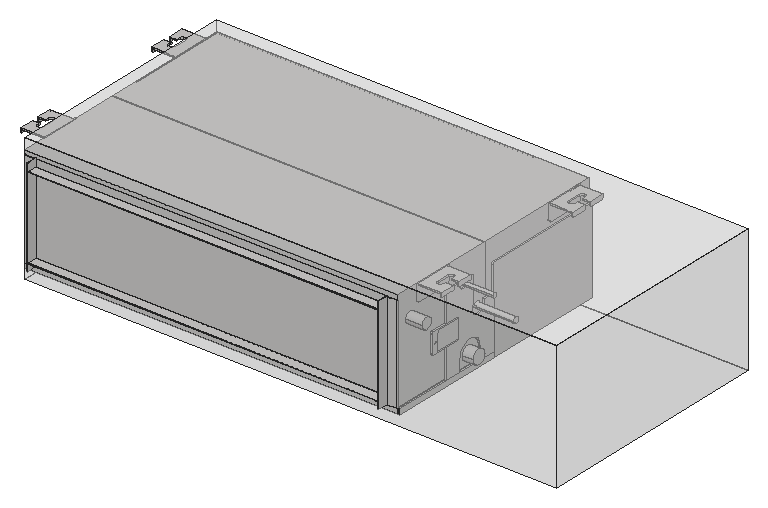
Revit family "outputfile", category 機械設備, Revit 2024
Family settings
  丸型コネクタ寸法 = 半径を使用
  パーツ タイプ = 標準
  OmniClass 番号 = 23.75.10.24.21.27.27
  OmniClass タイトル = Split System Air Conditioning Units
  作業面ベース = いいえ
  常に垂直 = はい
  ロード時にボイドで切り取り = いいえ
  注釈の向きを維持 = いいえ
  共有 = いいえ
  部屋計算ポイント = はい
Parameters (values of type "FDYBA25AV1")
  Description = ""
  書き出し IFC クラス(タイプ) = "IfcUnitaryEquipmentType"
  定義済み IFC タイプ(タイプ) = "AIRCONDITIONINGUNIT"
  Cost = 0
  Type Comments = ""
  Keynote = ""
  Type Image = (empty or 0)
  Assembly Code = ""
  switch_frequency = yes
  lw_socket for drain = 22.0 mm
  lw_liquidpipe = 64.0 mm
  lw_gaspipe = 76.0 mm
  lw_drainpipe = 33.0 mm
  lh_socket for drain = 168.0 mm
  ld_socket for drain = 164.0 mm
  製造元 = "Daikin"
  モデル = "FDYBA25AV1"
  r_Liquid Pipe Size = Liquid Pipe Size / 2  # 3.2 mm
  r_Gas Pipe Size = Gas Pipe Size / 2  # 4.75 mm
  r_Drain Pipe Size = Drain Pipe Size / 2  # 10.0 mm
  lw_powersuply = 65.0 mm  # constant formula
  lh_suctionflange [instance] = [h***] + 100.5 mm  # 100.5 mm
  lh_mounting = lh_mountinghole + [h***]  # 200.0 mm
  ld_suctionflange [instance] = if(and(Rear Connection_Return Air, Width = 700.0 mm), 94.5 mm, if(and(Rear Connection_Return Air, Width = 900.0 mm), 94.0 mm, if(and(Rear Connection_Return Air, Width = 1100.0 mm), 94.0 mm, 100.5 mm)))  # 94.5 mm
  ld_powersuply = 410.0 mm  # constant formula
  ld_mountinghole_Back = 165.0 mm
  ld_mountinghole_Front = 144.0 mm
  ld_RA_below = if(Width = 700.0 mm, 189.0 mm, 188.0 mm)  # 189.0 mm
  ld_RA = if(Width = 700.0 mm, 94.5 mm, 94.0 mm)  # 94.5 mm
  connector_voltage = Voltage_50Hz  # 230 V
  connector_powerinput = if([Power Input (Cooling)] > [Power Input (Heating)], [Power Input (Cooling)], [Power Input (Heating)])  # 0.000 kW
  connector_phase = Phase_50Hz  # 1
  angle_vertical_RA [instance] = if(Rear Connection_Return Air, 90.00°, 0.00°)  # 90.00°
  angle horizontal_RA [instance] = if(Rear Connection_Return Air, 180.00°, 270.00°)  # 180.00°
  Voltage_comment_50Hz = "220 - 240"
  Voltage_50Hz = 230 V
  URL = ""
  Supply Air Direction [instance] = yes
  Sound Power Level_H speed (dB) = 0
  Rear Connection_Return Air [instance] = not(Bottom Connection_Return Air)  # yes
  Phase_50Hz = 1
  Minimum External Static Pressure = 10.00 Pa
  Minimum Circuit Amps_50Hz = 0.0 A
  Maximum Fuse Amps_50Hz = 0.0 A
  Maximum External Static Pressure = 50.00 Pa
  Material_Casing = DAIKIN_GalvanizedSteel_Casing_indoorunit
  ld_liquidpipe = 149.0 mm
  ld_gaspipe = 184.0 mm  # constant formula
  lw_mountinghole = Width + 52.0 mm  # 752.0 mm
  ld_drainpipe = 28.0 mm  # constant formula
  lh_liquidpipe = 43.0 mm
  lh_gaspipe = 96.0 mm
  lh_mountinghole = 200.0 mm  # constant formula
  lh_drainpipe = 48.0 mm
  h_antenna = Height - lh_mountinghole + 1.0 mm  # 1.0 mm
  h*** = 0.0 mm  # constant formula
  Width = 700.0 mm
  Version = "ver.1.0"
  Unit Type = "DAS Duct (Demand Response)"
  Unit Mass Weight = 18.00 kg
  Unit Designation [instance] = ""
  Uniclass2015Version = "Products v1.30"
  Uniclass2015Title = "Split coil room air conditioning units"
  Uniclass2015Code = "Pr_70_65_03_86"
  Total Heating Capacity [instance] = 0.000 kW
  Total Cooling Capacity [instance] = 0.000 kW
  Sound Pressure Level_M speed (dBA) = 0
  Sound Pressure Level_L speed (dBA) = 28
  Sound Pressure Level_H speed (dBA) = 41.6
  Series = "SkyAir_Fan Coil Unit"
  Sensible Cooling Capacity [instance] = 0.000 kW
  SA Duct Size Width = 660.0 mm
  SA Duct Size Height = 153.0 mm
  Refrigerant Type = "R32"
  RA Duct Size Width = 575.0 mm
  RA Duct Size Height = 163.0 mm
  Power Input (Heating) = 0.000 kW
  Power Input (Cooling) = 0.000 kW
  Option Accessory 3 [instance] = ""
  Option Accessory 2 [instance] = ""
  Option Accessory 1 [instance] = ""
  Nominal Heating Capacity = 3.500 kW
  Nominal Cooling Capacity = 2.410 kW
  Minimum Airflow = 306.00 m³/h
  Median Airflow = 420.00 m³/h
  Maximum Airflow = 540.00 m³/h
  Load Classification = HVAC
  Liquid Pipe Size = 6.4 mm
  Link_Nested Family [instance] = ""
  IfcVersion = ""
  IfcExportType = "AIRCONDITIONINGUNIT"
  IfcExportAs = "IfcUnitaryEquipmentType"
  Height = 200.0 mm
  Heating Entering Wet Bulb Temperature [instance] = 0.00 °C
  Heating Entering Dry Bulb Temperature [instance] = 0.00 °C
  Heating Ambient Wet Bulb Temperature [instance] = 0.00 °C
  Heating Ambient Dry Bulb Temperature [instance] = 0.00 °C
  Heat Exchanger Type = "Cross Fin Coil"
  Gas Pipe Size = 9.5 mm
  Frequency_50Hz = 50 Hz
  Fan Type = "Sirocco Fan"
  Fan Drive = "Direct Drive"
  FCU Tag No. [instance] = ""
  Drain Pipe Size = 20.0 mm
  Design Supply Airflow [instance] = 0.00 m³/h
  Design Return Airflow [instance] = 0.00 m³/h
  Design External Static Pressure [instance] = 0.00 Pa
  Depth = 450.0 mm
  既定の高さ = 0.0 mm
  Cooling Entering Wet Bulb Temperature [instance] = 0.00 °C
  Cooling Entering Dry Bulb Temperature [instance] = 0.00 °C
  Cooling Ambient Wet Bulb Temperature [instance] = 0.00 °C
  Cooling Ambient Dry Bulb Temperature [instance] = 0.00 °C
  Clearance visibility [instance] = yes
  Clearance Top = 20.0 mm
  Clearance Right = 300.0 mm
  Clearance Rear = 0.0 mm
  Clearance Left = 0.0 mm
  Clearance Front = 0.0 mm
  Clearance Bottom = 20.0 mm
  Bottom Connection_Return Air [instance] = no
Reference planes
  plane 1 "Center (Front/Back)": y = 0
  plane 2 "Bottom": z = -200
  plane 3 "Center (Left/Right)": x = 0
  plane 4 "Back": y = 225
  plane 5 "Front": y = -225
  plane 6 "Left": x = -350
  plane 7 "Right": x = 350
  plane 8 "Top": z = 0
  plane 9 "BB": y = -20
  plane 10 "condensate water pan": z = -190
  plane 11 "Below": z = -200
  plane 12 "Other components Right": x = 355
  plane 13 "Other components Left": x = 345
  plane 14 "lh_drainpipe": z = -48
  plane 15 "ld_drainpipe": y = -197
  plane 16 "drainpipe": x = 383
  plane 17 "lh_liquidpipe": z = -43
  plane 18 "ld_liquidpipe": y = -76
  plane 19 "ld_gaspipe": y = -41
  plane 20 "lh_gaspipe": z = -96
  plane 21: x = 414
  plane 22: x = 426
  plane 23: x = 372
  plane 24 "w_mountinghole_Left": x = -376
  plane 25 "w_mountinghole_Right": x = 376
  plane 26 "d_mountinghole_Back": y = 165
  plane 27 "d_mountinghole_Front": y = -144
  plane 28 "h_mountinghole": z = 0
  plane 29 "lw_powersuply": x = 285
  plane 30 "ld_powersuply": y = 185
  plane 31 "Clearance Left": x = -350
  plane 32 "Clearance Right": x = 650
  plane 33 "Clearance Rear": y = 225
  plane 34 "Clearance Front": y = -225
  plane 35 "Clearance Bottom": z = -220
  plane 36 "Clearance Top": z = 20
  plane 37 "RA": y = 224
  plane 38: z = -199
  plane 39 "RA_d": y = 130.5
  plane 40 "RA_w": x = -51.5
  plane 41 "RA_h": z = -99.5
  plane 42 "SA_h": z = -99
  plane 43 "RA_dd": y = 36
  plane 44: y = -61
  plane 45: z = -168
Forms (mm)
  Extrusion 1, solid, material "DAIKIN_GalvanizedSteel_Casing_indoorunit" <- "Material_Casing"
    sketch origin (0, 0, 100) x (0, 1, 0) y (0, 0, 1)
      loop
        line (-20, -100) -> (-20, -300) -> (225, -300) -> (225, -100) -> (-20, -100)
    from -350 to 350
  Extrusion 2, solid, material "DAIKIN_GalvanizedSteel_Casing_indoorunit" <- "Material_Casing"
    sketch origin (0, 0, 100) x (0, 1, 0) y (0, 0, 1)
      loop
        line (-225, -100) -> (-225, -290) -> (-20, -290) -> (-20, -100) -> (-225, -100)
    from -350 to 350
  Extrusion 3, solid, material "DAIKIN_GalvanizedSteel_Casing_indoorunit" <- "Material_Casing"
    sketch origin (0, 0, 100) x (0, 1, 0) y (0, 0, 1)
      loop
        line (-225, -290) -> (-225, -300) -> (-20, -300) -> (-20, -290) -> (-225, -290)
    from -350 to 350
  Extrusion 4, solid, material "DAIKIN_GalvanizedSteel_Casing_indoorunit" <- "Material_Casing"
    sketch origin (0, 0, 0) x (0, 1, 0) y (0, 0, 1)
      loop
        arc (-2, -40) -> (-4.121, -40.879) -> (-5, -43) r 3
        line (-5, -43) -> (-5, -197)
        arc (-5, -197) -> (-4.121, -199.121) -> (-2, -200) r 3
        line (-2, -200) -> (225, -200) -> (225, -40) -> (-2, -40)
    from 350 to 355
  Extrusion 5, solid, material "DAIKIN_GalvanizedSteel_Casing_indoorunit" <- "Material_Casing"
    sketch origin (620, 0, 0) x (0, 1, 0) y (0, 0, 1)
      loop
        line (-225, -190) -> (-225, -200) -> (-5, -200) -> (-5, -193)
        arc (-5, -193) -> (-5.879, -190.879) -> (-8, -190) r 3
        line (-8, -190) -> (-225, -190)
    from -270 to -265
  Extrusion 6, void
    sketch origin (0, 0, 0) x (0, 1, 0) y (0, 0, 1)
      loop
        arc (-145.64, -94.17) -> (-147.761, -95.049) -> (-148.64, -97.17) r 3
        line (-148.64, -97.17) -> (-148.64, -131.17)
        arc (-148.64, -131.17) -> (-147.761, -133.291) -> (-145.64, -134.17) r 3
        line (-145.64, -134.17) -> (-91.78, -134.17)
        arc (-91.78, -134.17) -> (-89.659, -133.291) -> (-88.78, -131.17) r 3
        line (-88.78, -131.17) -> (-88.78, -97.17)
        arc (-88.78, -97.17) -> (-89.659, -95.049) -> (-91.78, -94.17) r 3
        line (-91.78, -94.17) -> (-145.64, -94.17)
    from 345 to 355
  Extrusion 7, solid, material "DAIKIN_GalvanizedSteel_Casing_indoorunit" <- "Material_Casing"
    sketch origin (0, 0, 0) x (0, 1, 0) y (0, 0, 1)
      loop
        line (-91.78, -95.17) -> (-145.64, -95.17)
        arc (-145.64, -95.17) -> (-147.054, -95.756) -> (-147.64, -97.17) r 2
        line (-147.64, -97.17) -> (-147.64, -131.17)
        arc (-147.64, -131.17) -> (-147.054, -132.584) -> (-145.64, -133.17) r 2
        line (-145.64, -133.17) -> (-91.78, -133.17)
        arc (-91.78, -133.17) -> (-90.366, -132.584) -> (-89.78, -131.17) r 2
        line (-89.78, -131.17) -> (-89.78, -97.17)
        arc (-89.78, -97.17) -> (-90.366, -95.756) -> (-91.78, -95.17) r 2
    from 345 to 355
  Extrusion 8, solid, material "DAIKIN_GalvanizedSteel_Casing_indoorunit" <- "Material_Casing"
    sketch origin (0, 0, 0) x (0, 1, 0) y (0, 0, 1)
      loop
        line (-89.78, -97.67) -> (-136.14, -97.67) -> (-136.14, -130.67) -> (-89.78, -130.67) -> (-89.78, -97.67)
      loop
        circle (-142.64, -114.17) r 1.5
    from 350 to 355
  Extrusion 9, solid, material "DAIKIN_GalvanizedSteel_Casing_indoorunit" <- "Material_Casing"
    sketch origin (0, 0, 0) x (0, 1, 0) y (0, 0, 1)
      loop
        circle (-197, -48) r 10
    from 350 to 383
  Extrusion 10, solid, material "DAIKIN_GalvanizedSteel_Casing_indoorunit" <- "Material_Casing"
    sketch origin (0, 0, 0) x (0, 1, 0) y (0, 0, 1)
      loop
        circle (-76, -43) r 3.2
    from 350 to 414
  Extrusion 11, solid, material "DAIKIN_GalvanizedSteel_Casing_indoorunit" <- "Material_Casing"
    sketch origin (0, 0, 0) x (0, 1, 0) y (0, 0, 1)
      loop
        circle (-41, -96) r 4.75
    from 350 to 426
  Extrusion 12, solid, material "DAIKIN_GalvanizedSteel_Casing_indoorunit" <- "Material_Casing"
    sketch origin (0, 0, 0) x (0, 1, 0) y (0, 0, 1)
      loop
        circle (-61, -168) r 13
    from 350 to 372
  Extrusion 13, void
    sketch origin (0, 0, 0) x (1, 0, 0) y (0, 0, 1)
      loop
        line (246, -1) -> (-349, -1) -> (-349, -200) -> (246, -200) -> (246, -1)
    from -225 to -36
  Extrusion 14, solid, material "DAIKIN_GalvanizedSteel_Casing_indoorunit" <- "Material_Casing", visible <- "Bottom Connection_Return Air"
    sketch origin (0, 0, 0) x (1, 0, 0) y (0, 0, 1)
      loop
        line (246, -1) -> (-349, -1) -> (-349, -200) -> (246, -200) -> (246, -1)
    from -225 to -224
  Extrusion 15, solid, material "DAIKIN_GalvanizedSteel_Casing_indoorunit" <- "Material_Casing", visible <- "Rear Connection_Return Air"
    sketch origin (0, 0, 0) x (1, 0, 0) y (0, 1, 0)
      loop
        line (-349, 36) -> (246, 36) -> (246, 225) -> (-349, 225) -> (-349, 36)
    from -200 to -199
  Extrusion 16, solid, material "DAIKIN_GalvanizedSteel_Casing_indoorunit" <- "Material_Casing"
    sketch origin (350, 0, 0) x (0, 1, 0) y (0, 0, 1)
      loop
        line (-116, -39) -> (-116, -94.17) -> (-91.78, -94.17)
        arc (-91.78, -94.17) -> (-89.659, -95.049) -> (-88.78, -97.17) r 3
        line (-88.78, -97.17) -> (-88.78, -131.17)
        arc (-88.78, -131.17) -> (-89.659, -133.291) -> (-91.78, -134.17) r 3
        line (-91.78, -134.17) -> (-116, -134.17) -> (-116, -190) -> (-86, -190) -> (-86, -168)
        arc (-86, -168) -> (-61, -143) -> (-36, -168) r 25
        line (-36, -168) -> (-36, -190) -> (-5, -190) -> (-5, -91) -> (-26.858, -91)
        arc (-26.858, -91) -> (-43.269, -110.827) -> (-53, -87) r 15
        line (-53, -87) -> (-53, -39) -> (-66.835, -39)
        arc (-66.835, -39) -> (-76, -53) -> (-85.165, -39) r 10
        line (-85.165, -39) -> (-116, -39)
    from 0 to 5
Cuts and joins
  Extrusion 6 cuts Extrusion 2
  Extrusion 13 cuts Extrusion 1
Dimensions and locks
  equal spacing: plane 4 "Back", plane 1 "Center (Front/Back)", plane 5 "Front"
  "Depth": plane 4 "Back" to plane 5 "Front"
  equal spacing: plane 6 "Left", plane 3 "Center (Left/Right)", plane 7 "Right"
  "Width": plane 6 "Left" to plane 7 "Right"
  locked: plane 1 "Center (Front/Back)" to plane 9 "BB" at 20
  "h***": plane 11 "Below" to plane 2 "Bottom"
  locked: plane 10 "condensate water pan" to plane 11 "Below" at 10
  "Height": plane 8 "Top" to plane 11 "Below"
  locked: Extrusion 4 sketch curve to plane 4 "Back" at 230
  locked: Extrusion 4 sketch curve to plane 11 "Below" at 160
  locked: plane 7 "Right" to plane 12 "Other components Right" at 5
  locked: plane 13 "Other components Left" to plane 7 "Right" at 5
  "ld_drainpipe": plane 15 "ld_drainpipe" to plane 5 "Front"
  "lw_drainpipe": plane 7 "Right" to plane 16 "drainpipe"
  "ld_liquidpipe": plane 18 "ld_liquidpipe" to plane 5 "Front"
  "ld_gaspipe": plane 19 "ld_gaspipe" to plane 5 "Front"
  "lw_liquidpipe": plane 7 "Right" to plane 21
  "lw_gaspipe": plane 7 "Right" to plane 22
  "lw_socket for drain": plane 7 "Right" to plane 23
  equal spacing: plane 24 "w_mountinghole_Left", plane 3 "Center (Left/Right)", plane 25 "w_mountinghole_Right"
  "lw_mountinghole": plane 24 "w_mountinghole_Left" to plane 25 "w_mountinghole_Right"
  plane 26 "d_mountinghole_Back" to plane 27 "d_mountinghole_Front" = 309.0 mm
  "lh_mountinghole": plane 28 "h_mountinghole" to plane 11 "Below"
  "lw_powersuply": plane 29 "lw_powersuply" to plane 7 "Right"
  "ld_powersuply": plane 5 "Front" to plane 30 "ld_powersuply"
  "Clearance Rear": plane 33 "Clearance Rear" to plane 4 "Back"
  "Clearance Front": plane 5 "Front" to plane 34 "Clearance Front"
  "Clearance Bottom": plane 11 "Below" to plane 35 "Clearance Bottom"
  "Clearance Top": plane 36 "Clearance Top" to plane 8 "Top"
  "Clearance Left": plane 31 "Clearance Left" to plane 6 "Left"
  "Clearance Right": plane 7 "Right" to plane 32 "Clearance Right"
  locked: cut or joined group of Extrusion 1, Extrusion 13 to plane 6 "Left" at 1
  locked: plane 7 "Right" to cut or joined group of Extrusion 1, Extrusion 13 at 104
  locked: plane 4 "Back" to plane 37 "RA" at 1
  locked: plane 6 "Left" to Extrusion 15 sketch curve at 1
  locked: Extrusion 15 sketch curve to plane 7 "Right" at 104
  locked: plane 38 to plane 11 "Below" at 1
  locked: plane 40 "RA_w" to plane 3 "Center (Left/Right)" at 51.5
  "ld_RA": plane 39 "RA_d" to plane 4 "Back"
  locked: plane 11 "Below" to plane 41 "RA_h" at 100.5
  locked: plane 11 "Below" to plane 42 "SA_h" at 101
  "ld_mountinghole_Back": plane 26 "d_mountinghole_Back" to plane 1 "Center (Front/Back)"
  "ld_mountinghole_Front": plane 27 "d_mountinghole_Front" to plane 1 "Center (Front/Back)"
  "ld_RA_below": plane 4 "Back" to plane 43 "RA_dd"
  plane 27 "d_mountinghole_Front" to plane 5 "Front" = 81.0 mm
  "lh_drainpipe": plane 8 "Top" to plane 14 "lh_drainpipe"
  "lh_liquidpipe": plane 8 "Top" to plane 17 "lh_liquidpipe"
  "lh_gaspipe": plane 8 "Top" to plane 20 "lh_gaspipe"
  "ld_socket for drain": plane 44 to plane 5 "Front"
  "lh_socket for drain": plane 8 "Top" to plane 45
  locked: Extrusion 16 sketch curve to Extrusion 16 sketch curve at 111
  locked: Extrusion 16 sketch curve to Extrusion 16 sketch curve at 151
  "r_Liquid Pipe Size": radius of Extrusion 10 sketch curve
  "r_Gas Pipe Size": radius of Extrusion 11 sketch curve
  "r_Drain Pipe Size": radius of Extrusion 9 sketch curve
  aligned and locked: Extrusion 1 sketch curve to plane 8 "Top"
  aligned and locked: plane 9 "BB" to Extrusion 1 sketch curve
  aligned and locked: Extrusion 1 sketch curve to plane 4 "Back"
  aligned and locked: Extrusion 2 sketch curve to plane 9 "BB"
  aligned and locked: Extrusion 2 sketch curve to plane 8 "Top"
  aligned and locked: plane 5 "Front" to Extrusion 2 sketch curve
  aligned and locked: Extrusion 1 to plane 6 "Left"
  aligned and locked: plane 7 "Right" to Extrusion 1
  aligned and locked: Extrusion 2 to plane 6 "Left"
  aligned and locked: plane 7 "Right" to Extrusion 2
  aligned and locked: plane 10 "condensate water pan" to Extrusion 2 sketch curve
  aligned and locked: Extrusion 3 sketch curve to plane 10 "condensate water pan"
  aligned and locked: plane 5 "Front" to Extrusion 3 sketch curve
  aligned and locked: Extrusion 3 sketch curve to plane 9 "BB"
  aligned and locked: Extrusion 3 to plane 6 "Left"
  aligned and locked: plane 7 "Right" to Extrusion 3
  aligned and locked: plane 11 "Below" to Extrusion 3
  aligned and locked: Extrusion 1 to plane 11 "Below"
  aligned and locked: plane 11 "Below" to Extrusion 4 sketch curve
  aligned and locked: Extrusion 4 sketch curve to plane 4 "Back"
  aligned and locked: Extrusion 4 to plane 7 "Right"
  aligned and locked: plane 12 "Other components Right" to Extrusion 4
  aligned and locked: Extrusion 5 sketch curve to plane 10 "condensate water pan"
  aligned and locked: plane 5 "Front" to Extrusion 5 sketch curve
  aligned and locked: plane 11 "Below" to Extrusion 5 sketch curve
  aligned and locked: Extrusion 5 to plane 7 "Right"
  aligned and locked: plane 12 "Other components Right" to Extrusion 5
  aligned and locked: Extrusion 6 to plane 13 "Other components Left"
  aligned and locked: plane 12 "Other components Right" to Extrusion 6
  aligned and locked: Extrusion 8 to plane 7 "Right"
  aligned and locked: Extrusion 7 to plane 13 "Other components Left"
  aligned and locked: plane 16 "drainpipe" to Extrusion 9
  aligned and locked: Extrusion 9 to plane 7 "Right"
  aligned and locked: plane 12 "Other components Right" to Extrusion 7
  aligned and locked: plane 12 "Other components Right" to Extrusion 8
  aligned and locked: Extrusion 10 to plane 7 "Right"
  aligned and locked: plane 21 to Extrusion 10
  aligned and locked: plane 19 "ld_gaspipe" to Extrusion 11 sketch curve
  aligned and locked: plane 20 "lh_gaspipe" to Extrusion 11 sketch curve
  aligned and locked: plane 18 "ld_liquidpipe" to Extrusion 10 sketch curve
  aligned and locked: plane 17 "lh_liquidpipe" to Extrusion 10 sketch curve
  aligned and locked: plane 14 "lh_drainpipe" to Extrusion 9 sketch curve
  aligned and locked: plane 15 "ld_drainpipe" to Extrusion 9 sketch curve
  aligned and locked: Extrusion 11 to plane 7 "Right"
  aligned and locked: plane 22 to Extrusion 11
  aligned and locked: Extrusion 12 to plane 7 "Right"
  aligned and locked: plane 23 to Extrusion 12
  aligned and locked: plane 25 "w_mountinghole_Right" to nested 2
  aligned and locked: nested 2 to plane 26 "d_mountinghole_Back"
  aligned and locked: plane 28 "h_mountinghole" to nested 2
  aligned and locked: plane 27 "d_mountinghole_Front" to nested 3
  aligned and locked: plane 25 "w_mountinghole_Right" to nested 3
  aligned and locked: plane 24 "w_mountinghole_Left" to nested 4
  aligned and locked: plane 26 "d_mountinghole_Back" to nested 4
  aligned and locked: plane 24 "w_mountinghole_Left" to nested 5
  aligned and locked: nested 5 to plane 27 "d_mountinghole_Front"
  aligned and locked: plane 28 "h_mountinghole" to nested 4
  aligned and locked: plane 28 "h_mountinghole" to nested 5
  aligned and locked: plane 28 "h_mountinghole" to nested 3
  aligned and locked: plane 24 "w_mountinghole_Left" to nested 1
  aligned and locked: nested 1 to plane 26 "d_mountinghole_Back"
  aligned and locked: plane 27 "d_mountinghole_Front" to nested 6
  aligned and locked: plane 24 "w_mountinghole_Left" to nested 6
  aligned and locked: nested 7 to plane 25 "w_mountinghole_Right"
  aligned and locked: nested 7 to plane 26 "d_mountinghole_Back"
  aligned and locked: plane 27 "d_mountinghole_Front" to nested 8
  aligned and locked: nested 8 to plane 25 "w_mountinghole_Right"
  aligned and locked: plane 15 "ld_drainpipe" to nested 9
  aligned and locked: plane 7 "Right" to nested 9
  aligned and locked: plane 14 "lh_drainpipe" to nested 9
  aligned and locked: plane 7 "Right" to nested 11
  aligned and locked: plane 7 "Right" to nested 10
  aligned and locked: plane 18 "ld_liquidpipe" to nested 10
  aligned and locked: plane 19 "ld_gaspipe" to nested 11
  aligned and locked: nested 10 to plane 17 "lh_liquidpipe"
  aligned and locked: nested 11 to plane 20 "lh_gaspipe"
  aligned and locked: plane 31 "Clearance Left" to nested 12
  aligned and locked: plane 33 "Clearance Rear" to nested 12
  aligned and locked: plane 34 "Clearance Front" to nested 12
  aligned and locked: nested 12 to plane 32 "Clearance Right"
  aligned and locked: plane 36 "Clearance Top" to nested 12
  aligned and locked: plane 35 "Clearance Bottom" to nested 12
  aligned and locked: nested 13 to plane 29 "lw_powersuply"
  aligned and locked: plane 30 "ld_powersuply" to nested 13
  aligned and locked: nested 13 to plane 20 "lh_gaspipe"
  aligned and locked: plane 3 "Center (Left/Right)" to nested 14
  aligned and locked: plane 1 "Center (Front/Back)" to nested 14
  aligned and locked: plane 1 "Center (Front/Back)" to nested 15
  aligned and locked: nested 15 to plane 11 "Below"
  aligned and locked: plane 3 "Center (Left/Right)" to nested 16
  aligned and locked: plane 3 "Center (Left/Right)" to nested 17
  aligned and locked: plane 8 "Top" to nested 16
  aligned and locked: plane 4 "Back" to Extrusion 13
  aligned and locked: plane 4 "Back" to Extrusion 14
  aligned and locked: Extrusion 14 to plane 37 "RA"
  aligned and locked: Extrusion 15 to plane 11 "Below"
  aligned and locked: plane 38 to Extrusion 15
  aligned and locked: plane 39 "RA_d" to nested 18
  aligned and locked: plane 1 "Center (Front/Back)" to nested 19
  aligned and locked: plane 3 "Center (Left/Right)" to nested 19
  aligned and locked: plane 42 "SA_h" to nested 19
  aligned and locked: nested 16 to plane 37 "RA"
  aligned and locked: nested 16 to plane 4 "Back"
  aligned and locked: nested 17 to plane 38
  aligned and locked: nested 17 to plane 37 "RA"
  aligned and locked: Extrusion 13 to plane 43 "RA_dd"
  aligned and locked: Extrusion 15 sketch curve to plane 43 "RA_dd"
  aligned and locked: level to plane 8 "Top"
  aligned and locked: plane 45 to Extrusion 12 sketch curve
  aligned and locked: plane 44 to Extrusion 12 sketch curve
  aligned and locked: Extrusion 4 to Extrusion 16 sketch curve
Automatic sketch dimensions
  Extrusion 1 sketch curve to plane 10 "condensate water pan" = 10.0 mm
  Extrusion 3 sketch curve to plane 10 "condensate water pan" = 10.0 mm
  Extrusion 4 sketch curve to plane 10 "condensate water pan" = 7.0 mm
  plane 1 "Center (Front/Back)" to Extrusion 4 sketch curve = 2.0 mm
  plane 1 "Center (Front/Back)" to Extrusion 5 sketch curve = 5.0 mm
  Extrusion 5 sketch curve to plane 10 "condensate water pan" = 3.0 mm
  plane 5 "Front" to Extrusion 6 sketch curve = 76.36 mm
  Extrusion 6 sketch curve to Extrusion 6 sketch curve = 3.0 mm  (x3)
  Extrusion 6 sketch curve to Extrusion 6 sketch curve = 53.86 mm
  Extrusion 6 sketch curve to Extrusion 6 sketch curve = 0.0 mm
  plane 10 "condensate water pan" to Extrusion 6 sketch curve = 55.83 mm
  Extrusion 6 sketch curve to Extrusion 6 sketch curve = 34.0 mm
  plane 5 "Front" to Extrusion 7 sketch curve = 79.36 mm
  Extrusion 7 sketch curve to Extrusion 7 sketch curve = 2.0 mm  (x3)
  Extrusion 7 sketch curve to Extrusion 7 sketch curve = 53.86 mm
  Extrusion 7 sketch curve to Extrusion 7 sketch curve = 0.0 mm
  plane 10 "condensate water pan" to Extrusion 7 sketch curve = 56.83 mm
  Extrusion 7 sketch curve to Extrusion 7 sketch curve = 34.0 mm
  plane 5 "Front" to Extrusion 8 sketch curve = 82.36 mm
  Extrusion 8 sketch curve to Extrusion 8 sketch curve = 6.5 mm
  Extrusion 8 sketch curve to Extrusion 8 sketch curve = 46.36 mm
  plane 10 "condensate water pan" to Extrusion 8 sketch curve = 59.33 mm
  Extrusion 8 sketch curve to Extrusion 8 sketch curve = 16.5 mm  (x2)
  plane 6 "Left" to Extrusion 13 sketch curve = 1.0 mm
  plane 35 "Clearance Bottom" to Extrusion 13 sketch curve = 20.0 mm
  plane 29 "lw_powersuply" to Extrusion 13 sketch curve = 39.0 mm
  Extrusion 13 sketch curve to plane 8 "Top" = 1.0 mm
  plane 6 "Left" to Extrusion 14 sketch curve = 1.0 mm
  Extrusion 14 sketch curve to plane 11 "Below" = 0.0 mm
  plane 29 "lw_powersuply" to Extrusion 14 sketch curve = 39.0 mm
  Extrusion 14 sketch curve to plane 8 "Top" = 1.0 mm
  Extrusion 15 sketch curve to plane 4 "Back" = 0.0 mm
  Extrusion 16 sketch curve to plane 10 "condensate water pan" = 0.0 mm  (x2)
  Extrusion 16 sketch curve to plane 17 "lh_liquidpipe" = 0.0 mm
  Extrusion 16 sketch curve to plane 18 "ld_liquidpipe" = 0.0 mm
  Extrusion 16 sketch curve to plane 44 = 0.0 mm
  Extrusion 16 sketch curve to plane 19 "ld_gaspipe" = 0.0 mm
  Extrusion 16 sketch curve to plane 45 = 0.0 mm
  Extrusion 16 sketch curve to plane 20 "lh_gaspipe" = 0.0 mm
  Extrusion 16 sketch curve to plane 18 "ld_liquidpipe" = 9.165 mm
  Extrusion 16 sketch curve to plane 20 "lh_gaspipe" = 1.17 mm
  Extrusion 16 sketch curve to plane 18 "ld_liquidpipe" = 12.78 mm
  Extrusion 16 sketch curve to Extrusion 16 sketch curve = 3.0 mm
  plane 20 "lh_gaspipe" to Extrusion 16 sketch curve = 1.83 mm
  Extrusion 16 sketch curve to Extrusion 16 sketch curve = 24.22 mm
  plane 17 "lh_liquidpipe" to Extrusion 16 sketch curve = 4.0 mm
  plane 44 to Extrusion 16 sketch curve = 8.0 mm
  plane 45 to Extrusion 16 sketch curve = 33.83 mm
  plane 20 "lh_gaspipe" to Extrusion 16 sketch curve = 5.0 mm
  plane 20 "lh_gaspipe" to Extrusion 16 sketch curve = 9.0 mm
  plane 19 "ld_gaspipe" to Extrusion 16 sketch curve = 5.0 mm
  Extrusion 16 sketch curve to Extrusion 16 sketch curve = 0.0 mm
  radius of Extrusion 8 sketch curve = 1.5 mm
  radius of Extrusion 12 sketch curve = 13.0 mm
Nested families
  nested 1: "daikin_mountinghole" at (-376, 165, -200), h_mountinghole <- "lh_mounting", l_antenna <- "h_antenna", Link_Nested Family <- "Link_Nested Family", type "daikin_mountinghole"
    with show yes, l_antenna 1.0 mm, h_mountinghole 200.0 mm, Link_Nested Family ""
  nested 2: "daikin_hangerfixture_FDYBA-AV1" at (350, 165, 0), type "daikin_hangerfixture_FDYBA-AV1"
  nested 3: "daikin_hangerfixture_FDYBA-AV1" at (350, -144, 0), type "daikin_hangerfixture_FDYBA-AV1"
  nested 4: "daikin_hangerfixture_FDYBA-AV1" at (-350, 165, 0) x (-1, 0, 0) z (0, 0, 1), type "daikin_hangerfixture_FDYBA-AV1"
  nested 5: "daikin_hangerfixture_FDYBA-AV1" at (-350, -144, 0) x (-1, 0, 0) z (0, 0, 1), type "daikin_hangerfixture_FDYBA-AV1"
  nested 6: "daikin_mountinghole" at (-376, -144, -200), h_mountinghole <- "lh_mounting", l_antenna <- "h_antenna", Link_Nested Family <- "Link_Nested Family", type "daikin_mountinghole"
    with show yes, l_antenna 1.0 mm, h_mountinghole 200.0 mm, Link_Nested Family ""
  nested 7: "daikin_mountinghole" at (376, 165, -200), h_mountinghole <- "lh_mounting", l_antenna <- "h_antenna", Link_Nested Family <- "Link_Nested Family", type "daikin_mountinghole"
    with show yes, l_antenna 1.0 mm, h_mountinghole 200.0 mm, Link_Nested Family ""
  nested 8: "daikin_mountinghole" at (376, -144, -200), h_mountinghole <- "lh_mounting", l_antenna <- "h_antenna", Link_Nested Family <- "Link_Nested Family", type "daikin_mountinghole"
    with show yes, l_antenna 1.0 mm, h_mountinghole 200.0 mm, Link_Nested Family ""
  nested 9: "daikin_connector_rotate2" at (350, -197, -48) x (0, 1, 0) z (0, 0, 1), radius <- "r_Drain Pipe Size", type "daikin_connector_rotate2"
    with radius 10.0 mm, length 33.0 mm, angle_vertical 90.00°, show_face no
  nested 10: "daikin_connector_rotate2" at (350, -76, -43) x (0, 1, 0) z (0, 0, 1), radius <- "r_Liquid Pipe Size", type "daikin_connector_rotate2"
    with radius 3.2 mm, length 64.0 mm, angle_vertical 90.00°, show_face no
  nested 11: "daikin_connector_rotate2" at (350, -41, -96) x (0, 1, 0) z (0, 0, 1), radius <- "r_Gas Pipe Size", type "daikin_connector_rotate2"
    with radius 4.75 mm, length 76.0 mm, angle_vertical 90.00°, show_face no
  nested 12: "daikin_clearancespace" at (150, 0, -99.881), visible <- "Clearance visibility", show <- "Clearance visibility", Link_Nested Family <- "Link_Nested Family", type "daikin_clearancespace"
    with width 1000.0 mm, show yes, height 240.0 mm, depth 450.0 mm, Link_Nested Family ""
  nested 13: "daikin_connector_rotate2" at (285, 185, -96) x (1, 0, 0) z (0, -1, 0), type "daikin_connector_rotate2"
    with radius 10.0 mm, length 104.0 mm, angle_vertical 90.00°, show_face no
  nested 14: "daikin_△_symbolicline" at (0, 0, 200), visible <- "Supply Air Direction", built-in parameter 1001360 <- "Height", type "daikin_△_symbolicline"
    with length 200.0 mm
  nested 15: "daikin_ductflange_FDYBA-AV1_1" at (0, 0, -364.701), width <- "SA Duct Size Width", height <- "SA Duct Size Height", material <- "Material_Casing", type "daikin_ductflange_FDYBA-AV1_1"
    with width 660.0 mm, material DAIKIN_GalvanizedSteel_Casing_indoorunit, height 153.0 mm, depth 20.0 mm
  nested 16: "daikin_ductflange_FDYBA-AV1_2" at (0, 225, -99.5), visible <- "Rear Connection_Return Air", height <- "RA Duct Size Height", width <- "RA Duct Size Width", material <- "Material_Casing", type "daikin_ductflange_FDYBA-AV1_2"
    with width 575.0 mm, material DAIKIN_GalvanizedSteel_Casing_indoorunit, height 163.0 mm, depth 1.0 mm
  nested 17: "daikin_ductflange_FDYBA-AV1_2" at (0, 125.5, -200) x (1, 0, 0) z (0, 1, 0), visible <- "Bottom Connection_Return Air", width <- "RA Duct Size Width", height <- "RA Duct Size Height", type "daikin_ductflange_FDYBA-AV1_2"
    with width 575.0 mm, material DAIKIN_GalvanizedSteel_Casing_indoorunit, height 163.0 mm, depth 1.0 mm
  nested 18: "daikin_connector_rotate3" at (-51.5, 130.5, -99.5), angle_vertical <- "angle_vertical_RA", angle_horizontal <- "angle horizontal_RA", length <- "ld_suctionflange", built-in parameter 1001364 <- "lh_suctionflange", type "daikin_connector_rotate3"
    with show no, radius 10.0 mm, length 94.5 mm, angle_vertical 90.00°, angle_horizontal 180.00°
  nested 19: "daikin_connector_rotate2" at (0, 0, -99), type "daikin_connector_rotate2"
    with radius 10.0 mm, length 245.0 mm, angle_vertical 90.00°, show_face no
Connectors
  piping at (383, -197, -48), diameter 20, driven by "r_Drain Pipe Size"
    settings: on nested 9, index 1, connector inside diameter 609.6 mm, connector length 0.0 mm, flow factor 0, pipe flow 0.00 m³/h, pressure drop 0.0 Pa, fitting loss kfactor 0, connector angle 0.00°, fixture units 0, engagement length 0.0 mm, angle of deflection 0.00°, flow configuration 1, flow direction 2, fitting loss method 4, system type 16, joint type 0, gender type 0, connector reference index -1, connector utility 0, adjustable connector no, is connector primary yes, connector description "Condensate Drain Piping"
  piping at (426, -41, -96), diameter 9.5, driven by "r_Gas Pipe Size"
    settings: on nested 11, index 2, connector inside diameter 609.6 mm, connector length 0.0 mm, flow factor 0, pipe flow 0.00 m³/h, pressure drop 0.0 Pa, fitting loss kfactor 0, connector angle 0.00°, fixture units 0, engagement length 0.0 mm, angle of deflection 0.00°, flow configuration 1, flow direction 2, fitting loss method 0, system type 29, joint type 0, gender type 0, connector reference index -1, connector utility 0, adjustable connector no, is connector primary no, connector description "Refrigerant Gas Piping"
  piping at (414, -76, -43), diameter 6.4, driven by "r_Liquid Pipe Size"
    settings: on nested 10, index 3, connector inside diameter 609.6 mm, connector length 0.0 mm, flow factor 0, pipe flow 0.00 m³/h, pressure drop 0.0 Pa, fitting loss kfactor 0, connector angle 0.00°, fixture units 0, engagement length 0.0 mm, angle of deflection 0.00°, flow configuration 1, flow direction 1, fitting loss method 0, system type 29, joint type 0, gender type 0, connector reference index -1, connector utility 0, adjustable connector no, is connector primary no, connector description "Refrigerant Liquid Piping"
  electrical at (285, 185, -200), driven by "Load Classification", driven by "connector_powerinput", driven by "connector_phase", driven by "connector_voltage"
    settings: on nested 13, index 4, voltage 230 V, apparent load 0 VA, apparent load phase1 0 VA, apparent load phase2 0 VA, apparent load phase3 0 VA, power factor 1, load classification "HVAC", number of poles 1, system type 30, power factor state 1, is connector primary yes, connector utility no, sub classification motor no, connector description "Power Supply"
  hvac at (-51.5, 225, -99.5), driven by "RA Duct Size Height", driven by "RA Duct Size Width"
    settings: on nested 18, index 5, duct flow 0.00 m³/h, flow factor 0, pres drop 0.00 Pa, loss coef 0, conn angle 0.00°, conn width 575.0 mm, conn height 163.0 mm, conn diameter 609.6 mm, duct sys type 2, conn prof type 1, flow config 0, flow direction 1, loss method 4, conn ref index -1, conn util no, is conn primary yes, conn desc "RA Duct"
  hvac at (0, -245, -99), driven by "SA Duct Size Height", driven by "SA Duct Size Width"
    settings: on nested 19, index 6, duct flow 0.00 m³/h, flow factor 0, pres drop 0.00 Pa, loss coef 0, conn angle 0.00°, conn width 660.0 mm, conn height 153.0 mm, conn diameter 609.6 mm, duct sys type 1, conn prof type 1, flow config 0, flow direction 2, loss method 4, conn ref index -1, conn util no, is conn primary no, conn desc "SA Duct"
Definition of nested family "daikin_hangerfixture_FDYBA-AV1"
  Parameters (values of type "daikin_hangerfixture_FDYBA-AV1")
    width = 46.0 mm
    material = none
    height = 32.0 mm
    depth = 70.0 mm
    Default Elevation = 0.0 mm
  Reference planes
    plane 1 "Center (Front/Back)": y = 0
    plane 2: z = 0
    plane 3 "Center (Left/Right)": x = 0
    plane 4: z = -32
    plane 5: y = 35
    plane 6: y = -35
    plane 7: x = 46
    plane 8: z = -2
    plane 9: x = 44
    plane 10: x = 2
    plane 11: x = 26
  Forms (mm)
    Extrusion 1, solid, material <- "material"
      sketch origin (0, 0, 0) x (1, 0, 0) y (0, 1, 0)
        loop
          line (0, 35) -> (0, -35) -> (46, -35) -> (46, -6.5) -> (31.85, -6.5) -> (31.85, -12.15)
          arc (31.85, -12.15) -> (26, -18) -> (20.15, -12.15) r 5.85
          line (20.15, -12.15) -> (20.15, 12.15)
          arc (20.15, 12.15) -> (26, 18) -> (31.85, 12.15) r 5.85
          line (31.85, 12.15) -> (31.85, 6.5) -> (46, 6.5) -> (46, 35) -> (0, 35)
      from -2 to 0
    Extrusion 2, solid, material <- "material"
      sketch origin (0, 0, 0) x (0, 1, 0) y (0, 0, 1)
        loop
          line (35, 0) -> (6.5, 0) -> (6.5, -5)
          arc (6.5, -5) -> (7.379, -7.121) -> (9.5, -8) r 3
          line (9.5, -8) -> (32, -8)
          arc (32, -8) -> (34.121, -7.121) -> (35, -5) r 3
          line (35, -5) -> (35, 0)
        loop
          line (-35, 0) -> (-35, -5)
          arc (-35, -5) -> (-34.121, -7.121) -> (-32, -8) r 3
          line (-32, -8) -> (-9.5, -8)
          arc (-9.5, -8) -> (-7.379, -7.121) -> (-6.5, -5) r 3
          line (-6.5, -5) -> (-6.5, 0) -> (-35, 0)
      from 44 to 46
    Extrusion 3, solid, material <- "material"
      sketch origin (0, 0, 0) x (0, 1, 0) y (0, 0, 1)
        loop
          line (-37.5, 0) -> (-37.5, -27) -> (-32.5, -32) -> (32.5, -32) -> (37.5, -27) -> (37.5, 0) -> (-37.5, 0)
      from 0 to 2
  Cuts and joins
    joined: Extrusion 1, Extrusion 2, Extrusion 3
  Dimensions and locks
    "height": plane 2 to plane 4
    plane 2 to plane 8 = 2.0 mm
    equal spacing: plane 5, plane 1 "Center (Front/Back)", plane 6
    "depth": plane 5 to plane 6
    "width": plane 3 "Center (Left/Right)" to plane 7
    plane 3 "Center (Left/Right)" to plane 11 to plane 7 = 26.0 mm, 20.0 mm
    locked: cut or joined group of Extrusion 1, Extrusion 2, Extrusion 3 to plane 5 at 2.5
    locked: cut or joined group of Extrusion 1, Extrusion 2, Extrusion 3 to plane 6 at 2.5
    aligned and locked: level to plane 2
    aligned and locked: plane 2 to Extrusion 1
    aligned and locked: Extrusion 1 to plane 8
    aligned and locked: plane 7 to Extrusion 2
    aligned and locked: Extrusion 2 to plane 9
    aligned and locked: plane 2 to Extrusion 2
    aligned and locked: plane 4 to Extrusion 3 sketch curve
    aligned and locked: Extrusion 3 sketch curve to plane 2
    aligned and locked: Extrusion 3 to plane 3 "Center (Left/Right)"
    aligned and locked: Extrusion 3 to plane 10
  Automatic sketch dimensions
    Extrusion 1 sketch curve to plane 3 "Center (Left/Right)" = 0.0 mm
    Extrusion 1 sketch curve to plane 7 = 0.0 mm  (x2)
    Extrusion 1 sketch curve to plane 6 = 0.0 mm
    Extrusion 1 sketch curve to plane 5 = 0.0 mm
    plane 3 "Center (Left/Right)" to Extrusion 1 sketch curve = 20.15 mm
    Extrusion 1 sketch curve to Extrusion 1 sketch curve = 5.85 mm  (x2)
    plane 1 "Center (Front/Back)" to Extrusion 1 sketch curve = 12.15 mm
    Extrusion 1 sketch curve to Extrusion 1 sketch curve = 5.65 mm  (x2)
    Extrusion 1 sketch curve to plane 1 "Center (Front/Back)" = 6.5 mm
    Extrusion 2 sketch curve to level = 0.0 mm  (x2)
    Extrusion 2 sketch curve to plane 6 = 0.0 mm
    Extrusion 2 sketch curve to Extrusion 2 sketch curve = 3.0 mm  (x2)
    plane 1 "Center (Front/Back)" to Extrusion 2 sketch curve = 9.5 mm
    plane 1 "Center (Front/Back)" to Extrusion 2 sketch curve = 6.5 mm
    Extrusion 2 sketch curve to plane 1 "Center (Front/Back)" = 6.5 mm
    Extrusion 2 sketch curve to plane 5 = 3.0 mm
    Extrusion 2 sketch curve to plane 5 = 0.0 mm
    Extrusion 2 sketch curve to plane 8 = 3.0 mm  (x2)
    Extrusion 3 sketch curve to Extrusion 3 sketch curve = 5.0 mm  (x2)
    plane 4 to Extrusion 3 sketch curve = 5.0 mm  (x2)
    Extrusion 3 sketch curve to plane 6 = 2.5 mm
    Extrusion 3 sketch curve to plane 5 = 2.5 mm
Definition of nested family "daikin_clearancespace"
  Parameters (values of type "daikin_clearancespace")
    Description = "daikin_clearancespace"
    width [instance] = 1823.963 mm
    show [instance] = yes
    material = none
    height [instance] = 1359.762 mm
    depth [instance] = 880.0 mm
    Default Elevation = 0.0 mm
    Link_Nested Family [instance] = ""
  Reference planes
    plane 1 "Center (Front/Back)": y = 0
    plane 2 "Center (Elevation)": z = -0.119
    plane 3 "Center (Left/Right)": x = 0
    plane 4: y = 440
    plane 5: y = -440
    plane 6 "Right": x = 911.982
    plane 7 "Left": x = -911.982
    plane 8 "Top": z = 679.762
    plane 9 "Bottom": z = -680
  Forms (mm)
    Extrusion 1, solid, material <- "material", visible <- "show"
      sketch origin (0, 0, 0) x (1, 0, 0) y (0, 1, 0)
        loop
          line (-911.982, 440) -> (-911.982, -440) -> (911.982, -440) -> (911.982, 440) -> (-911.982, 440)
      from -680 to 679.762
  Lines and regions (mm)
    symbolic lines, visible <- "show"
      curve 1: line (911.982, 440, 0) -> (-911.982, 440, 0)
      curve 2: line (-911.982, 440, 0) -> (-911.982, -440, 0)
      curve 3: line (-911.982, -440, 0) -> (911.982, -440, 0)
      curve 4: line (911.982, -440, 0) -> (911.982, 440, 0)
      curve 5: line (911.982, 0, 679.762) -> (-911.982, 0, 679.762)
      curve 6: line (911.982, 0, -680) -> (911.982, 0, 679.762)
      curve 7: line (-911.982, 0, -680) -> (911.982, 0, -680)
      curve 8: line (-911.982, 0, 679.762) -> (-911.982, 0, -680)
      curve 9: line (0, 440, 679.762) -> (0, -440, 679.762)
      curve 10: line (0, -440, 679.762) -> (0, -440, -680)
      curve 11: line (0, 440, -680) -> (0, 440, 679.762)
      curve 12: line (0, -440, -680) -> (0, 440, -680)
  Dimensions and locks
    "width": plane 7 "Left" to plane 6 "Right"
    "depth": plane 4 to plane 5
    "height": plane 8 "Top" to plane 9 "Bottom"
    equal spacing: plane 7 "Left", plane 3 "Center (Left/Right)", plane 6 "Right"
    equal spacing: plane 4, plane 1 "Center (Front/Back)", plane 5
    equal spacing: plane 8 "Top", plane 2 "Center (Elevation)", plane 9 "Bottom"
    aligned and locked: level to plane 2 "Center (Elevation)"
    aligned and locked: Extrusion 1 sketch curve to plane 4
    aligned and locked: plane 7 "Left" to Extrusion 1 sketch curve
    aligned and locked: Extrusion 1 sketch curve to plane 5
    aligned and locked: Extrusion 1 sketch curve to plane 6 "Right"
    aligned and locked: plane 8 "Top" to Extrusion 1
    aligned and locked: curve 1 to Extrusion 1
    aligned and locked: curve 2 to Extrusion 1
    aligned and locked: curve 3 to Extrusion 1
    aligned and locked: curve 4 to Extrusion 1
    aligned and locked: curve 5 to Extrusion 1
    aligned and locked: curve 6 to Extrusion 1
    aligned and locked: curve 7 to Extrusion 1
    aligned and locked: curve 8 to Extrusion 1
    aligned and locked: curve 9 to Extrusion 1
    aligned and locked: curve 10 to Extrusion 1
    aligned and locked: curve 11 to Extrusion 1
    aligned and locked: curve 12 to Extrusion 1
    aligned and locked: Extrusion 1 to plane 9 "Bottom"
Definition of nested family "daikin_ductflange_FDYBA-AV1_1"
  Parameters (values of type "daikin_ductflange_FXDQ-TV1C(A)1")
    width [instance] = 660.0 mm
    material [instance] = none
    height [instance] = 160.0 mm
    h*** = 100.0 mm
    depth [instance] = 20.0 mm
    Default Elevation = 0.0 mm
  Reference planes
    plane 1 "Center (Front/Back)": y = 0
    plane 2: z = 189.201
    plane 3 "Center (Left/Right)": x = 0
    plane 4: y = -225
    plane 5: x = -330
    plane 6: x = 330
    plane 7: y = -245
    plane 8: z = 189.201
    plane 9: z = 349.201
    plane 10: z = 269.201
    plane 11: z = 363.701
    plane 12: z = 164.701
  Forms (mm)
    Extrusion 1, solid, material <- "material"
      sketch origin (0, 0, -1) x (0, 1, 0) y (0, 0, 1)
        loop
          line (-225, 350.201) -> (-225, 364.701) -> (-226, 364.701) -> (-226, 351.201) -> (-245, 351.201) -> (-245, 350.201) -> (-225, 350.201)
        loop
          line (-225, 190.201) -> (-245, 190.201) -> (-245, 189.201) -> (-226, 189.201) -> (-226, 175.701) -> (-225, 175.701) -> (-225, 190.201)
      from -330 to 330
    Extrusion 2, solid, material <- "material"
      sketch origin (0, 0, 188.201) x (1, 0, 0) y (0, 1, 0)
        loop
          line (330, -225) -> (330, -245) -> (331, -245) -> (331, -226) -> (350, -226) -> (350, -225) -> (330, -225)
        loop
          line (-330, -225) -> (-350, -225) -> (-350, -226) -> (-331, -226) -> (-331, -245) -> (-330, -245) -> (-330, -225)
      from -13.5 to 175.5
  Dimensions and locks
    equal spacing: plane 6, plane 3 "Center (Left/Right)", plane 5
    "width": plane 6 to plane 5
    locked: plane 6 to Extrusion 2 sketch curve at 20
    locked: Extrusion 2 sketch curve to plane 5 at 20
    "height": plane 9 to plane 8
    equal spacing: plane 9, plane 10, plane 8
    "depth": plane 4 to plane 7
    plane 4 to plane 1 "Center (Front/Back)" = 225.0 mm
    locked: Extrusion 1 sketch curve to plane 9 at 14.5
    locked: plane 8 to Extrusion 1 sketch curve at 14.5
    locked: plane 11 to plane 9 at 14.5
    aligned and locked: level to plane 2
    aligned and locked: Extrusion 1 to plane 5
    aligned and locked: Extrusion 1 to plane 9
    aligned and locked: plane 6 to Extrusion 1
    aligned and locked: plane 5 to Extrusion 1  (x2)
    aligned and locked: Extrusion 2 sketch curve to plane 6
    aligned and locked: plane 7 to Extrusion 2 sketch curve
    aligned and locked: Extrusion 2 to Extrusion 1
    aligned and locked: Extrusion 1 to Extrusion 2
    aligned and locked: plane 9 to Extrusion 1
    aligned and locked: plane 8 to Extrusion 1
    aligned and locked: plane 9 to Extrusion 1 sketch curve
    aligned and locked: Extrusion 1 sketch curve to plane 8
  Automatic sketch dimensions
    Extrusion 1 sketch curve to plane 7 = 0.0 mm  (x2)
    Extrusion 1 sketch curve to plane 4 = 0.0 mm  (x2)
    Extrusion 1 sketch curve to plane 4 = 1.0 mm  (x2)
    Extrusion 1 sketch curve to level = 1.0 mm
    Extrusion 2 sketch curve to plane 4 = 0.0 mm  (x2)
    Extrusion 2 sketch curve to plane 7 = 0.0 mm
    Extrusion 2 sketch curve to plane 5 = 0.0 mm
    Extrusion 2 sketch curve to plane 5 = 1.0 mm
    Extrusion 2 sketch curve to Extrusion 2 sketch curve = 1.0 mm
    Extrusion 2 sketch curve to plane 4 = 1.0 mm  (x2)
    plane 9 to Extrusion 1 sketch curve = 1.0 mm
Definition of nested family "daikin_ductflange_FDYBA-AV1_2"
  Parameters (values of type "daikin_ductflange_FXDQ-TV1C(A)2")
    width [instance] = 575.0 mm
    material [instance] = none
    height [instance] = 163.0 mm
    depth [instance] = 1.0 mm
    Default Elevation = 0.0 mm
  Reference planes
    plane 1 "Center (Front/Back)": y = 0
    plane 2: z = 0
    plane 3 "Center (Left/Right)": x = 0
    plane 4: z = 81.5
    plane 5: z = -81.5
    plane 6: y = -1
    plane 7: x = -350
    plane 8: x = 350
    plane 9: x = 247
    plane 10: x = 241
    plane 11: x = -344
    plane 12: x = 236
    plane 13: x = -339
    plane 14: x = -51.5
    plane 15: z = 99.5
  Forms (mm)
    Extrusion 1, solid, material <- "material"
      sketch origin (0, 0, 0) x (1, 0, 0) y (0, 0, 1)
        loop
          line (-339, 81.5) -> (-339, -81.5) -> (236, -81.5) -> (236, 81.5) -> (-339, 81.5)
        loop
          line (-349, -99.5) -> (246, -99.5) -> (246, 98.5) -> (-349, 98.5) -> (-349, -99.5)
      from 0 to 1
  Dimensions and locks
    "depth": plane 6 to plane 1 "Center (Front/Back)"
    locked: plane 10 to plane 8 at 109
    locked: plane 11 to plane 10 at 585
    plane 13 to plane 7 = 11.0 mm
    plane 9 to plane 12 = 11.0 mm
    locked: plane 14 to plane 3 "Center (Left/Right)" at 51.5
    equal spacing: plane 13, plane 14, plane 12
    "width": plane 13 to plane 12
    locked: plane 15 to plane 4 at 18
    equal spacing: plane 4, plane 2, plane 5
    "height": plane 4 to plane 5
    equal spacing: plane 7, plane 3 "Center (Left/Right)", plane 8
    plane 7 to plane 8 = 700.0 mm
    locked: Extrusion 1 sketch curve to plane 7 at 1
    locked: plane 9 to Extrusion 1 sketch curve at 1
    locked: Extrusion 1 sketch curve to plane 4 at 17
    locked: plane 5 to Extrusion 1 sketch curve at 18
    aligned and locked: level to plane 2
    aligned and locked: Extrusion 1 to plane 1 "Center (Front/Back)"
    aligned and locked: Extrusion 1 to plane 6
    aligned and locked: plane 13 to Extrusion 1 sketch curve
    aligned and locked: Extrusion 1 sketch curve to plane 12
  Automatic sketch dimensions
    Extrusion 1 sketch curve to plane 5 = 0.0 mm
    Extrusion 1 sketch curve to plane 4 = 0.0 mm
Definition of nested family "daikin_mountinghole"
  Parameters (values of type "daikin_mountinghole")
    Default Elevation = 1219.2 mm
    Type Comments = "mountinghole"
    show [instance] = yes
    material = none
    l_centerline = 100.0 mm
    l_antenna [instance] = 100.0 mm
    h_mountinghole [instance] = 0.0 mm
    d_circle = 30.0 mm
    Link_Nested Family [instance] = ""
  Reference planes
    plane 1 "Center (Front/Back)": y = 0
    plane 2: z = 0
    plane 3 "Center (Left/Right)": x = 0
    plane 4: y = 50
    plane 5: x = -50
    plane 6: x = 50
    plane 7: y = -50
    plane 8 "h_mountinghole": z = 0
    plane 9: z = 100
  Lines and regions (mm)
    model lines, detail levels fine
      curve 1: circle (0, 0, 0) r 15 normal (0, 0, 1)
      curve 2: line (-50, 0, 0) -> (50, 0, 0)
      curve 3: line (0, 50, 0) -> (0, -50, 0)
    symbolic lines, detail levels fine
      curve 4: circle (0, 0, 0) r 15 normal (0, 0, 1)
      curve 5: line (-50, 0, 0) -> (50, 0, 0)
      curve 6: line (0, 50, 0) -> (0, -50, 0)
    model lines
      curve 7: line (0, 0, 100) -> (0, 0, 0)
  Dimensions and locks
    equal spacing: plane 4, plane 1 "Center (Front/Back)", plane 7
    "l_centerline": plane 4 to plane 7
    equal spacing: plane 5, plane 3 "Center (Left/Right)", plane 6
    "l_centerline": plane 5 to plane 6
    "l_antenna": plane 9 to plane 8 "h_mountinghole"
    "h_mountinghole": plane 8 "h_mountinghole" to plane 2
    "d_circle": diameter of curve 1
    "d_circle": diameter of curve 4
    aligned and locked: level to plane 2
    aligned and locked: plane 1 "Center (Front/Back)" to curve 1
    aligned and locked: plane 3 "Center (Left/Right)" to curve 1
    aligned and locked: plane 1 "Center (Front/Back)" to curve 2
    aligned and locked: curve 3 to plane 3 "Center (Left/Right)"
    aligned and locked: plane 6 to curve 2
    aligned and locked: plane 5 to curve 2
    aligned and locked: plane 4 to curve 3
    aligned and locked: plane 7 to curve 3
    aligned and locked: plane 1 "Center (Front/Back)" to curve 4
    aligned and locked: plane 3 "Center (Left/Right)" to curve 4
    aligned and locked: plane 6 to curve 5
    aligned and locked: plane 5 to curve 5
    aligned and locked: plane 1 "Center (Front/Back)" to curve 5
    aligned and locked: plane 4 to curve 6
    aligned and locked: plane 7 to curve 6
    aligned and locked: curve 6 to plane 3 "Center (Left/Right)"
    aligned and locked: curve 7 to plane 3 "Center (Left/Right)"
    aligned and locked: plane 9 to curve 7
    aligned and locked: plane 8 "h_mountinghole" to curve 7
Definition of nested family "daikin_connector_rotate2"
  Parameters (values of type "daikin_connector_rotate2")
    show_face = yes
    radius [instance] = 10.0 mm
    length [instance] = 600.0 mm
    d_surface = 10.0 mm
    angle_vertical [instance] = 90.00°
    Default Elevation = 0.0 mm
  Reference planes
    plane 1 "Center (Front/Back)": y = 0
    plane 2: z = 0
    plane 3 "Center (Left/Right)": x = 0
  Forms (mm)
    Extrusion 1, solid, visible <- "show_face"
      sketch origin (0, -600, 0) x (1, 0, 0) y (0, 0, 1)
        loop
          circle (0, 0) r 10
      from 0 to -10
  Lines and regions (mm)
    reference lines
      curve 1: line (0, 0, 0) -> (0, -600, 0)
    symbolic lines
      curve 2: circle (0, 0, 0) r 5 normal (0, 0, 1)
    model lines, visible <- "show_face"
      curve 3: line (0, 0, 0) -> (0, -600, 0)
  Dimensions and locks
    "length": curve 1 to curve 1
    "length": curve 3 to curve 3
    "d_surface": Extrusion 1 to Extrusion 1
    "radius": radius of Extrusion 1 sketch curve
    "angle_vertical": angle curve 1 to plane 1 "Center (Front/Back)"
    "angle_vertical": angle curve 3 to plane 1 "Center (Front/Back)"
    aligned and locked: level to plane 2
    aligned and locked: plane 1 "Center (Front/Back)" to curve 1
    aligned and locked: plane 2 to curve 1
    aligned and locked: plane 1 "Center (Front/Back)" to curve 2
    aligned and locked: plane 3 "Center (Left/Right)" to curve 2
    aligned and locked: plane 1 "Center (Front/Back)" to curve 3
    aligned and locked: plane 2 to curve 3
    aligned and locked: Extrusion 1 to Extrusion 1
  Automatic sketch dimensions
    Extrusion 1 sketch curve to level = 0.0 mm
    Extrusion 1 sketch curve to plane 3 "Center (Left/Right)" = 0.0 mm
    radius of curve 2 = 5.0 mm
Definition of nested family "daikin_△_symbolicline"
  Parameters (values of type "daikin_△_symbolicline")
    length [instance] = 500.0 mm
    Default Elevation = 0.0 mm
  Reference planes
    plane 1 "Center (Front/Back)": y = 0
    plane 2: z = 0
    plane 3 "Center (Left/Right)": x = 0
  Lines and regions (mm)
    symbolic lines
      curve 1: line (0, -433.013, 0) -> (250, 0, 0)
      curve 2: line (250, 0, 0) -> (-250, 0, 0)
      curve 3: line (-250, 0, 0) -> (0, -433.013, 0)
  Dimensions and locks
    equal spacing: curve 3, plane 3 "Center (Left/Right)", curve 2
    "length": curve 3 to curve 2
    "length": curve 3 to curve 3
    "length": curve 1 to curve 1
    aligned and locked: level to plane 2
    aligned and locked: curve 2 to plane 1 "Center (Front/Back)"
    aligned and locked: plane 3 "Center (Left/Right)" to curve 3
Definition of nested family "daikin_connector_rotate3"
  Parameters (values of type "daikin_connector_rotate3")
    Default Elevation = 1219.2 mm
    show [instance] = yes
    radius [instance] = 10.0 mm
    length [instance] = 600.0 mm
    angle_horizontal [instance] = 60.00°
    angle_vertical [instance] = 90.00°
  Reference planes
    plane 1 "Center (Front/Back)": y = 0
    plane 2: z = 0
    plane 3 "Center (Left/Right)": x = 0
  Dimensions and locks
    "angle_horizontal": angle plane 3 "Center (Left/Right)" to nested 1
    aligned and locked: level to plane 2
    aligned and locked: plane 1 "Center (Front/Back)" to nested 1  (x2)
    aligned and locked: plane 3 "Center (Left/Right)" to nested 1
  Nested families
    nested 1: "daikin_connector_rotate2" at (0, 0, 0) x (0.5, 0.866, 0) z (0, 0, 1), angle_vertical <- "angle_vertical", length <- "length", radius <- "radius", type "daikin_connector_rotate2"
      with radius 10.0 mm, length 600.0 mm, angle_vertical 90.00°
  Definition of nested family "daikin_connector_rotate2"
    Parameters (values of type "daikin_connector_rotate2")
      show_face = yes
      radius [instance] = 10.0 mm
      length [instance] = 600.0 mm
      d_surface = 10.0 mm
      angle_vertical [instance] = 90.00°
      Default Elevation = 0.0 mm
    Reference planes
      plane 1 "Center (Front/Back)": y = 0
      plane 2: z = 0
      plane 3 "Center (Left/Right)": x = 0
    Forms (mm)
      Extrusion 1, solid, visible <- "show_face"
        sketch origin (0, -600, 0) x (1, 0, 0) y (0, 0, 1)
          loop
            circle (0, 0) r 10
        from 0 to -10
    Lines and regions (mm)
      reference lines
        curve 1: line (0, 0, 0) -> (0, -600, 0)
      symbolic lines
        curve 2: circle (0, 0, 0) r 5 normal (0, 0, 1)
      model lines, visible <- "show_face"
        curve 3: line (0, 0, 0) -> (0, -600, 0)
    Dimensions and locks
      "length": curve 1 to curve 1
      "length": curve 3 to curve 3
      "d_surface": Extrusion 1 to Extrusion 1
      "radius": radius of Extrusion 1 sketch curve
      "angle_vertical": angle curve 1 to plane 1 "Center (Front/Back)"
      "angle_vertical": angle curve 3 to plane 1 "Center (Front/Back)"
      aligned and locked: level to plane 2
      aligned and locked: plane 1 "Center (Front/Back)" to curve 1
      aligned and locked: plane 2 to curve 1
      aligned and locked: plane 1 "Center (Front/Back)" to curve 2
      aligned and locked: plane 3 "Center (Left/Right)" to curve 2
      aligned and locked: plane 1 "Center (Front/Back)" to curve 3
      aligned and locked: plane 2 to curve 3
      aligned and locked: Extrusion 1 to Extrusion 1
    Automatic sketch dimensions
      Extrusion 1 sketch curve to level = 0.0 mm
      Extrusion 1 sketch curve to plane 3 "Center (Left/Right)" = 0.0 mm
      radius of curve 2 = 5.0 mm
